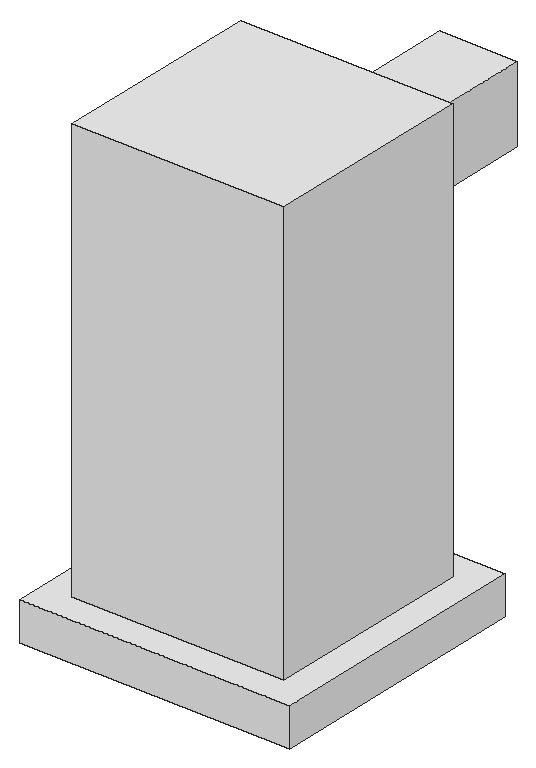
Revit family "Robe Hook-Single-Caroma Quatro", category Specialty Equipment, host Face, Revit 2013
Parameters (values of type "Standard")
  URL = "http://www.caroma.com.au/"
  Type Comments = "Caroma Quatro Robe Hook"  # constant formula
  ModifiedIssue_ANZRS = 1  # constant formula
  Model = "90726C"  # constant formula
  Material_ANZRS = Metal-Chrome-Caroma
  Manufacturer = "GWA Bathrooms & Kitchens"  # constant formula
  Length_ANZRS = 28 mm  # constant formula
  Description = ""
  Default Elevation = 1500 mm
  CreatedBy_ANZRS = "Design Content"  # constant formula
  CreatedByURL_ANZRS = "www.designcontent.com.au"
  Cost = 0
  Assembly Code = "C1030200"
Reference planes
  plane 1 "Center (Elevation)": y = 0
  plane 2 "Back": z = 0
  plane 3 "Center (Left/Right)": x = 0
  plane 4 "Top": y = 13.966
  plane 5 "Front": z = 48
  plane 6 "Left": x = -14
  plane 7 "Right": x = 14
  plane 8 "Bottom": y = -13.966
Forms (mm)
  Extrusion 1, solid, material "Metal-Chrome-Caroma" <- "Material_ANZRS"
    sketch origin (0, 0, 0) x (1, 0, 0) y (0, 1, 0)
      loop
        line (-14, 13.966) -> (-14, -13.966) -> (14, -13.966) -> (14, 13.966) -> (-14, 13.966)
    from 0 to 4
  Extrusion 2, solid, material "Metal-Chrome-Caroma" <- "Material_ANZRS"
    sketch origin (0, 0, 0) x (1, 0, 0) y (0, 1, 0)
      loop
        line (-11, 10.966) -> (-11, -10.966) -> (11, -10.966) -> (11, 10.966) -> (-11, 10.966)
    from 4 to 48
  Extrusion 3, solid, material "Metal-Chrome-Caroma" <- "Material_ANZRS"
    sketch origin (0, 0, 0) x (1, 0, 0) y (0, 1, 0)
      loop
        line (-4, 27.966) -> (-4, 10.966) -> (4, 10.966) -> (4, 27.966) -> (-4, 27.966)
    from 34 to 41.985
Cuts and joins
  joined: Extrusion 1, Extrusion 2, Extrusion 3
Dimensions and locks
  aligned and locked: plane 2 "Back" to host face
  aligned and locked: level to host face
